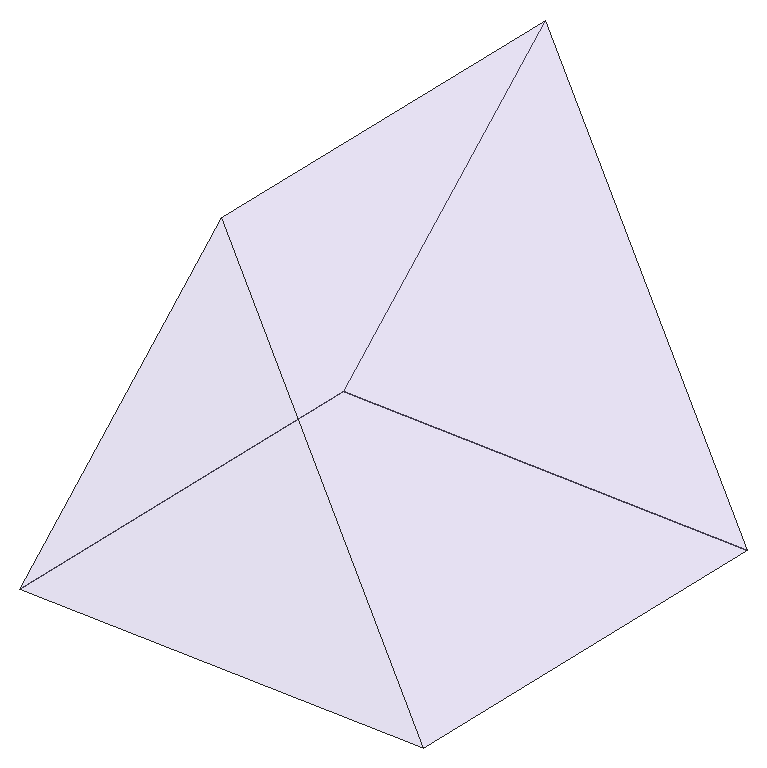
Revit family
Parameters (values of type "이등변")
  폭 [instance] = 9000 mm
  매스 재료 [instance] = 기본 매스
  높이 [instance] = 9000 mm
  깊이 [instance] = 9000 mm
  Default Elevation = 1219.2 mm
Reference planes
  plane 1 "중심(앞/뒤)": y = 12.955
  plane 2: z = 0
  plane 3 "중심(왼쪽/오른쪽)": x = -30.261
  plane 4: y = 4512.955
  plane 5: x = 4469.739
  plane 6: x = -4530.261
  plane 7: y = -4487.045
  plane 8: z = 9000
Forms (mm)
  Extrusion 1, solid, material "기본 매스" <- "매스 재료"
    sketch origin (0, 12.955, 0) x (1, 0, 0) y (0, 0, 1)
      loop
        line (-4530.261, 0) -> (4469.739, 0) -> (-30.261, 9000) -> (-4530.261, 0)
    from -4500 to 4500
Dimensions and locks
  equal spacing: plane 6, plane 3 "중심(왼쪽/오른쪽)", plane 5
  "폭": plane 6 to plane 5
  equal spacing: plane 4, plane 1 "중심(앞/뒤)", plane 7
  "깊이": plane 4 to plane 7
  "높이": plane 8 to plane 2
  locked: level to plane 2
  aligned and locked: plane 6 to Extrusion 1 sketch curve
  aligned and locked: Extrusion 1 to plane 7
  aligned and locked: Extrusion 1 to plane 4
  aligned and locked: Extrusion 1 sketch curve to plane 2
  aligned and locked: plane 5 to Extrusion 1 sketch curve
  aligned and locked: plane 8 to Extrusion 1 sketch curve
Automatic sketch dimensions
  Extrusion 1 sketch curve to plane 3 "중심(왼쪽/오른쪽)" = 0 mm
